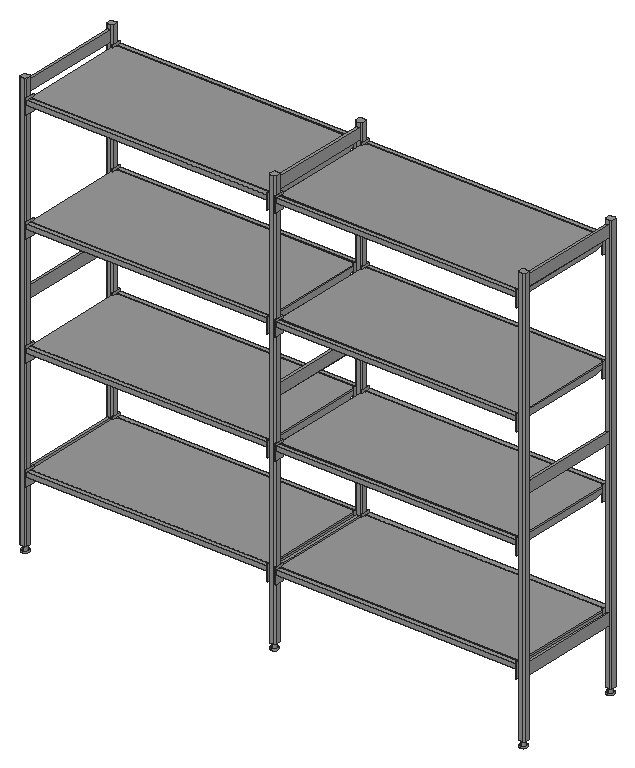
Revit family "QF_ZANUSSI_137044_BLS2048", category Attrezzature speciali, Revit 2020
Family settings
  Quota connettore circolare = Usa diametro
  Tipo di parte = Normale
  Basato su piano di lavoro = No
  Sempre verticale = Sì
  Taglio con vuoti quando caricato = No
  Condiviso = No
  Punto di calcolo locali = No
Parameters (values of type "Standard")
  Weight = 39.00 kg
  Watts = 0 W
  Volts = 0 V
  URL Manufacturer = "http://www.zanussiprofessional.com"
  URL = "http://www.zanussiprofessional.com"
  Steam Supply Size = 0 mm
  Steam Supply Minimum Pressure = 0.0 Pa
  Steam Supply Maximum Pressure = 0.0 Pa
  Steam Consumption per Hour = 0
  Refrigeration Suction Line Size = 0.0 mm
  Refrigeration Liquid Line Size = 0.0 mm
  Refrigerant Compressor Remote = yes
  Prospetto di default = 0.0 mm
  Phase = 0
  Modello = "BLS2048"
  Produttore = "Zanussi"
  Length Actual = 2048.0 mm  # constant formula
  Item Number = "137044"
  Hot Water Size = 0 mm
  Height Actual = 1700.0 mm  # constant formula
  HP = "0 HP"
  Gas Size = 0 mm
  Gas KW = 0
  Gas Input Pressure = 0 W
  Direct Waste Size = 0 mm
  Descrizione = "ALUM.LINEAR SHELV.-POLY.TIERS-475X2048MM"
  Depth Actual = 475.0 mm  # constant formula
  Cycle = 0 Hz
  Condensate Return Size = 0 mm
  Compressed Air Volume = 0.0 L/s
  Compressed Air Size = 0 mm
  Compressed Air Pressure = 0.0 Pa
  Cold Water Size = 0 mm
  Accessory = yes
Reference planes
  plane 1: z = 0
  plane 2 "CenterLeft": x = -31
  plane 3 "LEFT": x = -417
  plane 4 "BACK": y = 23
  plane 5 "FRONT": y = -452
  plane 6 "TOP": z = 1700
  plane 7: x = -385
  plane 8: x = 589
  plane 9 "Center (Front/Back)": y = -214.5
  plane 10: y = -8.5
  plane 11: y = -420.5
  plane 12 "FEET": z = 25
  plane 13: z = 275
  plane 14: z = 725
  plane 15: z = 1175
  plane 16: z = 1625
  plane 17 "CXLeft": x = -403
  plane 18 "Center (Left/Right)": x = 607
  plane 19: y = 5.5
  plane 20 "CYBack": y = 5.5
  plane 21 "CYFront": y = -434.5
  plane 22 "RIGHT": x = 1631
  plane 23: x = 1599
  plane 24 "CXRight": x = 1617
  plane 25: x = 625
Forms (mm)
  Extrusion 1, solid, material "QF_Aluminum"
    sketch origin (-417, 0, -4.006) x (0, 1, 0) y (0, 0, 1)
      loop
        line (-12, 1637.003) -> (4, 1637.003) -> (4, 1655) -> (2.007, 1655) -> (2.007, 1648.501) -> (-431, 1648.501) -> (-431, 1655) -> (-433, 1655) -> (-433, 1637.003) -> (-417, 1637.003) -> (-383, 1625) -> (-46, 1625) -> (-12, 1637.003)
      loop
        line (-12, 1187.003) -> (4, 1187.003) -> (4, 1205) -> (2.007, 1205) -> (2.007, 1198.501) -> (-431, 1198.501) -> (-431, 1205) -> (-433, 1205) -> (-433, 1187.003) -> (-417, 1187.003) -> (-383, 1175) -> (-46, 1175) -> (-12, 1187.003)
      loop
        line (-12, 737.003) -> (4, 737.003) -> (4, 755) -> (2.007, 755) -> (2.007, 748.501) -> (-431, 748.501) -> (-431, 755) -> (-433, 755) -> (-433, 737.003) -> (-417, 737.003) -> (-383, 725) -> (-46, 725) -> (-12, 737.003)
      loop
        line (-12, 287.003) -> (4, 287.003) -> (4, 305) -> (2.007, 305) -> (2.007, 298.501) -> (-431, 298.501) -> (-431, 305) -> (-433, 305) -> (-433, 287.003) -> (-417, 287.003) -> (-383, 275) -> (-46, 275) -> (-12, 287.003)
    from 37 to 32
  Extrusion 2, solid, material "QF_Aluminum"
    sketch origin (-417, 0, 0) x (0, 1, 0) y (0, 0, 1)
      loop
        line (23, 246.005) -> (23, 307.993) -> (-12.993, 307.993) -> (-12.993, 246.005) -> (23, 246.005)
      loop
        line (-452, 246.005) -> (-416.007, 246.005) -> (-416.007, 307.993) -> (-452, 307.993) -> (-452, 246.005)
      loop
        line (23, 696.005) -> (23, 757.993) -> (-12.993, 757.993) -> (-12.993, 696.005) -> (23, 696.005)
      loop
        line (-452, 696.005) -> (-416.007, 696.005) -> (-416.007, 757.993) -> (-452, 757.993) -> (-452, 696.005)
      loop
        line (23, 1146.005) -> (23, 1207.993) -> (-12.993, 1207.993) -> (-12.993, 1146.005) -> (23, 1146.005)
      loop
        line (-452, 1146.005) -> (-416.007, 1146.005) -> (-416.007, 1207.993) -> (-452, 1207.993) -> (-452, 1146.005)
      loop
        line (23, 1596.005) -> (23, 1657.993) -> (-12.993, 1657.993) -> (-12.993, 1596.005) -> (23, 1596.005)
      loop
        line (-452, 1596.005) -> (-416.007, 1596.005) -> (-416.007, 1657.993) -> (-452, 1657.993) -> (-452, 1596.005)
    from 28 to 32
  Extrusion 3, solid, material "QF_Aluminum"
    sketch origin (-417, 0, 0) x (0, 1, 0) y (0, 0, 1)
      loop
        line (4, 1650.994) -> (4, 1632.998) -> (23, 1632.998) -> (23, 1650.994) -> (4, 1650.994)
      loop
        line (-433, 1650.994) -> (-452, 1650.994) -> (-452, 1632.998) -> (-433, 1632.998) -> (-433, 1650.994)
      loop
        line (4, 1200.994) -> (4, 1182.998) -> (23, 1182.998) -> (23, 1200.994) -> (4, 1200.994)
      loop
        line (-433, 1200.994) -> (-452, 1200.994) -> (-452, 1182.998) -> (-433, 1182.998) -> (-433, 1200.994)
      loop
        line (4, 750.994) -> (4, 732.998) -> (23, 732.998) -> (23, 750.994) -> (4, 750.994)
      loop
        line (-433, 750.994) -> (-452, 750.994) -> (-452, 732.998) -> (-433, 732.998) -> (-433, 750.994)
      loop
        line (4, 300.994) -> (4, 282.998) -> (23, 282.998) -> (23, 300.994) -> (4, 300.994)
      loop
        line (-433, 300.994) -> (-452, 300.994) -> (-452, 282.998) -> (-433, 282.998) -> (-433, 300.994)
    from 32 to 1006
  Extrusion 4, solid, material "QF_Polyethylene"
    sketch origin (-417, 0, 0) x (0, 1, 0) y (0, 0, 1)
      loop
        line (2.007, 1650.994) -> (-431, 1650.994) -> (-431, 1644.496) -> (2.007, 1644.496) -> (2.007, 1650.994)
      loop
        line (2.007, 1200.994) -> (-431, 1200.994) -> (-431, 1194.496) -> (2.007, 1194.496) -> (2.007, 1200.994)
      loop
        line (2.007, 750.994) -> (-431, 750.994) -> (-431, 744.496) -> (2.007, 744.496) -> (2.007, 750.994)
      loop
        line (2.007, 300.994) -> (-431, 300.994) -> (-431, 294.496) -> (2.007, 294.496) -> (2.007, 300.994)
    from 32 to 1006
  Extrusion 5, solid, material "QF_Aluminum"
    sketch origin (1631, 0, 0) x (0, 1, 0) y (0, 0, 1)
      loop
        line (4, 1650.994) -> (4, 1632.998) -> (23, 1632.998) -> (23, 1650.994) -> (4, 1650.994)
      loop
        line (-433, 1650.994) -> (-452, 1650.994) -> (-452, 1632.998) -> (-433, 1632.998) -> (-433, 1650.994)
      loop
        line (4, 1200.994) -> (4, 1182.998) -> (23, 1182.998) -> (23, 1200.994) -> (4, 1200.994)
      loop
        line (-433, 1200.994) -> (-452, 1200.994) -> (-452, 1182.998) -> (-433, 1182.998) -> (-433, 1200.994)
      loop
        line (4, 750.994) -> (4, 732.998) -> (23, 732.998) -> (23, 750.994) -> (4, 750.994)
      loop
        line (-433, 750.994) -> (-452, 750.994) -> (-452, 732.998) -> (-433, 732.998) -> (-433, 750.994)
      loop
        line (4, 300.994) -> (4, 282.998) -> (23, 282.998) -> (23, 300.994) -> (4, 300.994)
      loop
        line (-433, 300.994) -> (-452, 300.994) -> (-452, 282.998) -> (-433, 282.998) -> (-433, 300.994)
    from -32 to -1006
  Extrusion 6, solid, material "QF_Polyethylene"
    sketch origin (1631, 0, 0) x (0, 1, 0) y (0, 0, 1)
      loop
        line (2.007, 1650.994) -> (-431, 1650.994) -> (-431, 1644.496) -> (2.007, 1644.496) -> (2.007, 1650.994)
      loop
        line (2.007, 1200.994) -> (-431, 1200.994) -> (-431, 1194.496) -> (2.007, 1194.496) -> (2.007, 1200.994)
      loop
        line (2.007, 750.994) -> (-431, 750.994) -> (-431, 744.496) -> (2.007, 744.496) -> (2.007, 750.994)
      loop
        line (2.007, 300.994) -> (-431, 300.994) -> (-431, 294.496) -> (2.007, 294.496) -> (2.007, 300.994)
    from -32 to -1006
Lines and regions (mm)
  symbolic lines
    curve 1: line (589, 4, 1700) -> (-385, 4, 1700)
    curve 2: line (-408, -8.5, 1700) -> (-408, -420.5, 1700)
    curve 3: line (-398, -420.5, 1700) -> (-398, -8.5, 1700)
    curve 4: line (-389, 23, 1700) -> (593, 23, 1700)
    curve 5: line (-385, -452, 1700) -> (589, -452, 1700)
    curve 6: line (621, 23, 1700) -> (1603, 23, 1700)
    curve 7: line (621, -452, 1700) -> (1603, -452, 1700)
    curve 8: line (-385, -433, 1700) -> (589, -433, 1700)
    curve 9: line (625, -433, 1700) -> (1599, -433, 1700)
    curve 10: line (625, 4, 1700) -> (1599, 4, 1700)
    curve 11: line (1599, -12.993, 1700) -> (1599, -416.007, 1700)
    curve 12: line (589, -12.993, 1700) -> (589, -416.007, 1700)
    curve 13: line (625, -416.007, 1700) -> (625, -12.993, 1700)
    curve 14: line (-385, -12.993, 1700) -> (-385, -416.007, 1700)
Dimensions and locks
  plane 3 "LEFT" to plane 2 "CenterLeft" = 386.0 mm
  locked: plane 6 "TOP" to level at 1700
  locked: plane 4 "BACK" to plane 5 "FRONT" at 475
  locked: plane 7 to plane 8 at 974
  locked: plane 10 to plane 11 at 412
  equal spacing: plane 10, plane 9 "Center (Front/Back)", plane 11
  equal spacing: plane 4 "BACK", plane 9 "Center (Front/Back)", plane 5 "FRONT"
  plane 12 "FEET" to level = 25.0 mm
  plane 6 "TOP" to plane 12 "FEET" = 1675.0 mm
  plane 13 to plane 12 "FEET" = 250.0 mm
  plane 14 to plane 13 = 450.0 mm
  plane 15 to plane 14 = 450.0 mm
  plane 16 to plane 15 = 450.0 mm
  locked: plane 4 "BACK" to plane 20 "CYBack" at 17.5
  locked: plane 21 "CYFront" to plane 5 "FRONT" at 17.5
  locked: plane 4 "BACK" to Extrusion 1 at 19
  locked: Extrusion 1 to plane 5 "FRONT" at 19
  Extrusion 1 sketch curve to plane 21 "CYFront" = 3.5 mm
  plane 3 "LEFT" to plane 22 "RIGHT" = 2048.0 mm
  locked: plane 25 to plane 23 at 974
  locked: plane 8 to plane 18 "Center (Left/Right)" at 18
  locked: plane 18 "Center (Left/Right)" to plane 25 at 18
  locked: plane 3 "LEFT" to plane 7 at 32
  locked: plane 24 "CXRight" to plane 22 "RIGHT" at 14
  aligned and locked: level to plane 1
  aligned and locked: plane 7 to Extrusion 1
  aligned and locked: Extrusion 2 to plane 7
  aligned and locked: plane 7 to Extrusion 4
  aligned and locked: Extrusion 4 to plane 8
  aligned and locked: plane 7 to Extrusion 3
  aligned and locked: Extrusion 3 to plane 8
  aligned and locked: Extrusion 3 sketch curve to Extrusion 1
  aligned and locked: Extrusion 1 to Extrusion 3 sketch curve
  aligned and locked: Extrusion 3 sketch curve to Extrusion 3 sketch curve  (x2)
  aligned and locked: Extrusion 1 sketch curve to Extrusion 1 sketch curve  (x3)
  aligned and locked: Extrusion 4 sketch curve to Extrusion 1  (x4)
  aligned and locked: Extrusion 5 sketch curve to Extrusion 5 sketch curve  (x2)
  aligned and locked: Extrusion 5 to plane 25
  aligned and locked: Extrusion 6 to plane 25
  aligned and locked: nested 3 to plane 18 "Center (Left/Right)"
  aligned and locked: nested 1 to plane 17 "CXLeft"
  aligned and locked: Extrusion 3 to plane 7  (x3)
  aligned and locked: plane 8 to Extrusion 3  (x4)
  aligned and locked: plane 25 to Extrusion 5  (x4)
  aligned and locked: plane 25 to Extrusion 6  (x4)
  aligned and locked: plane 8 to Extrusion 4  (x4)
  aligned and locked: nested 2 to plane 24 "CXRight"
  aligned and locked: Extrusion 5 to plane 23
  aligned and locked: Extrusion 6 to plane 23
  aligned and locked: plane 23 to Extrusion 5  (x3)
  aligned and locked: plane 23 to Extrusion 6  (x3)
Automatic sketch dimensions
  plane 21 "CYFront" to Extrusion 1 sketch curve = 1.5 mm  (x4)
  plane 11 to Extrusion 1 sketch curve = 3.5 mm  (x4)
  Extrusion 1 sketch curve to plane 13 = 4.006 mm
  Extrusion 1 sketch curve to Extrusion 1 sketch curve = 34.0 mm  (x4)
  Extrusion 1 sketch curve to plane 14 = 4.006 mm
  Extrusion 1 sketch curve to plane 15 = 4.006 mm
  Extrusion 1 sketch curve to plane 16 = 4.006 mm
  Extrusion 1 sketch curve to plane 10 = 37.5 mm  (x4)
  Extrusion 1 sketch curve to plane 10 = 3.5 mm  (x4)
  plane 19 to Extrusion 1 sketch curve = 3.493 mm  (x4)
  plane 19 to Extrusion 1 sketch curve = 1.5 mm  (x4)
  plane 13 to Extrusion 1 sketch curve = 7.998 mm  (x2)
  Extrusion 1 sketch curve to Extrusion 1 sketch curve = 11.498 mm  (x4)
  Extrusion 1 sketch curve to Extrusion 1 sketch curve = 6.499 mm  (x8)
  plane 14 to Extrusion 1 sketch curve = 7.998 mm  (x2)
  plane 15 to Extrusion 1 sketch curve = 7.998 mm  (x2)
  plane 16 to Extrusion 1 sketch curve = 7.998 mm  (x2)
  Extrusion 2 sketch curve to plane 5 "FRONT" = 0.0 mm  (x4)
  Extrusion 2 sketch curve to plane 4 "BACK" = 0.0 mm  (x4)
  plane 11 to Extrusion 2 sketch curve = 4.493 mm  (x4)
  Extrusion 2 sketch curve to plane 10 = 4.493 mm  (x4)
  Extrusion 2 sketch curve to plane 13 = 28.995 mm  (x2)
  plane 13 to Extrusion 2 sketch curve = 32.993 mm  (x2)
  Extrusion 2 sketch curve to plane 14 = 28.995 mm  (x2)
  plane 14 to Extrusion 2 sketch curve = 32.993 mm  (x2)
  Extrusion 2 sketch curve to plane 15 = 28.995 mm  (x2)
  plane 15 to Extrusion 2 sketch curve = 32.993 mm  (x2)
  Extrusion 2 sketch curve to plane 16 = 28.995 mm  (x2)
  plane 16 to Extrusion 2 sketch curve = 32.993 mm  (x2)
  Extrusion 3 sketch curve to plane 5 "FRONT" = 0.0 mm  (x4)
  Extrusion 3 sketch curve to plane 4 "BACK" = 0.0 mm  (x4)
  plane 19 to Extrusion 3 sketch curve = 1.5 mm  (x4)
  plane 13 to Extrusion 3 sketch curve = 7.998 mm  (x2)
  Extrusion 3 sketch curve to Extrusion 3 sketch curve = 17.997 mm  (x8)
  plane 14 to Extrusion 3 sketch curve = 7.998 mm  (x2)
  plane 15 to Extrusion 3 sketch curve = 7.998 mm  (x2)
  plane 16 to Extrusion 3 sketch curve = 7.998 mm  (x2)
  plane 19 to Extrusion 4 sketch curve = 3.493 mm  (x4)
  plane 13 to Extrusion 4 sketch curve = 19.496 mm
  Extrusion 4 sketch curve to Extrusion 4 sketch curve = 6.499 mm  (x4)
  plane 14 to Extrusion 4 sketch curve = 19.496 mm
  plane 15 to Extrusion 4 sketch curve = 19.496 mm
  plane 16 to Extrusion 4 sketch curve = 19.496 mm
  Extrusion 5 sketch curve to plane 5 "FRONT" = 0.0 mm  (x4)
  Extrusion 5 sketch curve to plane 4 "BACK" = 0.0 mm  (x4)
  plane 21 "CYFront" to Extrusion 5 sketch curve = 1.5 mm  (x2)
  plane 19 to Extrusion 5 sketch curve = 1.5 mm  (x4)
  plane 13 to Extrusion 5 sketch curve = 7.998 mm  (x2)
  Extrusion 5 sketch curve to Extrusion 5 sketch curve = 17.997 mm  (x8)
  plane 14 to Extrusion 5 sketch curve = 7.998 mm  (x2)
  plane 15 to Extrusion 5 sketch curve = 7.998 mm  (x2)
  plane 16 to Extrusion 5 sketch curve = 7.998 mm  (x2)
  plane 21 "CYFront" to Extrusion 6 sketch curve = 3.5 mm  (x4)
  plane 19 to Extrusion 6 sketch curve = 3.493 mm  (x4)
  plane 13 to Extrusion 6 sketch curve = 19.496 mm
  Extrusion 6 sketch curve to Extrusion 6 sketch curve = 6.499 mm  (x4)
  plane 14 to Extrusion 6 sketch curve = 19.496 mm
  plane 15 to Extrusion 6 sketch curve = 19.496 mm
  plane 16 to Extrusion 6 sketch curve = 19.496 mm
  curve 7 to plane 5 "FRONT" = 0.0 mm
  curve 5 to plane 5 "FRONT" = 0.0 mm
  curve 8 to plane 8 = 0.0 mm
  curve 9 to plane 25 = 0.0 mm
  curve 9 to plane 23 = 0.0 mm
  curve 8 to plane 7 = 0.0 mm
  curve 2 to plane 11 = 0.0 mm
  curve 3 to plane 11 = 0.0 mm
  curve 14 to plane 7 = 0.0 mm
  curve 13 to plane 25 = 0.0 mm
  curve 12 to plane 8 = 0.0 mm
  curve 11 to plane 23 = 0.0 mm
  curve 3 to plane 10 = 0.0 mm
  curve 2 to plane 10 = 0.0 mm
  curve 1 to plane 8 = 0.0 mm
  curve 1 to plane 7 = 0.0 mm
  curve 10 to plane 23 = 0.0 mm
  curve 10 to plane 25 = 0.0 mm
  curve 4 to plane 4 "BACK" = 0.0 mm
  curve 6 to plane 4 "BACK" = 0.0 mm
  curve 5 to plane 8 = 0.0 mm
  curve 5 to plane 7 = 0.0 mm
  plane 21 "CYFront" to curve 8 = 1.5 mm
  plane 21 "CYFront" to curve 9 = 1.5 mm
  plane 11 to curve 14 = 4.493 mm
  plane 11 to curve 13 = 4.493 mm
  plane 11 to curve 12 = 4.493 mm
  plane 11 to curve 11 = 4.493 mm
  curve 14 to plane 10 = 4.493 mm
  curve 13 to plane 10 = 4.493 mm
  curve 12 to plane 10 = 4.493 mm
  curve 11 to plane 10 = 4.493 mm
  plane 19 to curve 1 = 1.5 mm
  plane 19 to curve 10 = 1.5 mm
  curve 6 to plane 23 = 4.0 mm
  curve 7 to plane 23 = 4.0 mm
  curve 6 to plane 25 = 4.0 mm
  curve 7 to plane 25 = 4.0 mm
  curve 4 to plane 8 = 4.0 mm
  plane 7 to curve 4 = 4.0 mm
  plane 17 "CXLeft" to curve 3 = 5.0 mm
  curve 2 to plane 17 "CXLeft" = 5.0 mm
Nested families
  nested 1: "WT_Anta475" at (0, 0, 0), type "WT_Anta475"
  nested 2: "WT_Anta475" at (1214, 0, 0) x (-1, 0, 0) z (0, 0, 1), type "WT_Anta475"
  nested 3: "WT_Anta475Center" at (1010, 0, 0), type "WT_Anta475Center"
Definition of nested family "WT_Anta475"
  Parameters
    WidthLeft = A + 64.0 mm  # 772.0 mm
    Width = 1606.0 mm
    Right = WidthLeft / 2  # 386.0 mm
    Default Elevation = 0.0 mm
    Left = -WidthLeft / 2  # -386.0 mm
    Height = 1725.0 mm
    FEET = 25.0 mm
    E = 0.0 mm
    Dint = Depth - 63.0 mm  # 412.0 mm
    Dext = Depth - 8.0 mm  # 467.0 mm
    Depth = 475.0 mm
    DX = (WidthLeft - A) / 2  # 32.0 mm
    B = 798.0 mm
    A = 708.0 mm
  Reference planes
    plane 1: z = 0
    plane 2 "LEFT": x = -417
    plane 3 "BACK": y = 23
    plane 4 "FRONT": y = -452
    plane 5 "TOP": z = 1725
    plane 6 "Center (Front/Back)": y = -214.5
    plane 7: y = -8.5
    plane 8: y = -420.5
    plane 9 "FEET": z = 25
    plane 10: z = 275
    plane 11: z = 725
    plane 12: z = 1175
    plane 13: z = 1625
    plane 14 "CXLeft": x = -403
    plane 15: y = 5.5
    plane 16 "CYBack": y = 5.5
    plane 17 "CYFront": y = -434.5
    plane 18: x = -385.031
    plane 19: x = -380.031
  Forms (mm)
    Extrusion 1, solid
      sketch origin (0, 0, 0) x (1, 0, 0) y (0, 1, 0)
        loop
          line (-417, 13.246) -> (-417, -2.246) -> (-410.746, -8.5) -> (-395.254, -8.5) -> (-389, -2.246) -> (-389, 13.246) -> (-395.254, 19.5) -> (-410.746, 19.5) -> (-417, 13.246)
      from 1725 to 25
    Extrusion 2, solid
      sketch origin (-417, 0, 0) x (0, 1, 0) y (0, 0, 1)
        loop
          line (23, 246.005) -> (23, 307.993) -> (-12.993, 307.993) -> (-12.993, 246.005) -> (23, 246.005)
        loop
          line (-452, 246.005) -> (-416.007, 246.005) -> (-416.007, 307.993) -> (-452, 307.993) -> (-452, 246.005)
        loop
          line (23, 696.005) -> (23, 757.993) -> (-12.993, 757.993) -> (-12.993, 696.005) -> (23, 696.005)
        loop
          line (-452, 696.005) -> (-416.007, 696.005) -> (-416.007, 757.993) -> (-452, 757.993) -> (-452, 696.005)
        loop
          line (23, 1146.005) -> (23, 1207.993) -> (-12.993, 1207.993) -> (-12.993, 1146.005) -> (23, 1146.005)
        loop
          line (-452, 1146.005) -> (-416.007, 1146.005) -> (-416.007, 1207.993) -> (-452, 1207.993) -> (-452, 1146.005)
        loop
          line (23, 1596.005) -> (23, 1657.993) -> (-12.993, 1657.993) -> (-12.993, 1596.005) -> (23, 1596.005)
        loop
          line (-452, 1596.005) -> (-416.007, 1596.005) -> (-416.007, 1657.993) -> (-452, 1657.993) -> (-452, 1596.005)
      from 28 to 32
    Revolve 3, solid
      sketch origin (-403, 0, 0) x (0, 1, 0) y (0, 0, 1)
        loop
          line (5.5, 25) -> (5.5, 0) -> (19, 0) -> (19, 5) -> (14, 5) -> (14, 25) -> (5.5, 25)
        axis (5.5, 25) -> (5.5, 0)
      angle from 0 to 360
    Extrusion 4, solid
      sketch origin (-403, 0, 0) x (0, 1, 0) y (0, 0, 1)
        loop
          line (-8.5, 912.382) -> (-8.5, 957.374) -> (-420.5, 957.374) -> (-420.5, 912.382) -> (-8.5, 912.382)
        loop
          line (-8.5, 1662.244) -> (-8.5, 1707.236) -> (-420.5, 1707.236) -> (-420.5, 1662.244) -> (-8.5, 1662.244)
      from -5 to 5
    Revolve 5, solid
      sketch origin (-403, -627, 0) x (0, -1, 0) y (0, 0, 1)
        loop
          line (-192.5, 25) -> (-192.5, 0) -> (-179, 0) -> (-179, 5) -> (-184, 5) -> (-184, 25) -> (-192.5, 25)
        axis (-192.5, 25) -> (-192.5, 0)
      angle from 0 to 360
    Extrusion 6, solid
      sketch origin (0, -627, 0) x (1, 0, 0) y (0, 1, 0)
        loop
          line (-417, 184.754) -> (-410.746, 178.5) -> (-395.254, 178.5) -> (-389, 184.754) -> (-389, 200.246) -> (-395.254, 206.5) -> (-410.746, 206.5) -> (-417, 200.246) -> (-417, 184.754)
      from 1725 to 25
    Extrusion 7, solid
      sketch origin (-417.031, -0.022, 0) x (0, 1, 0) y (0, 0, -1)
        loop
          line (-12, -1632.998) -> (-46, -1620.994) -> (-383, -1620.994) -> (-417, -1632.998) -> (-433, -1632.998) -> (-433, -1650.994) -> (-431, -1650.994) -> (-431, -1644.496) -> (2.007, -1644.496) -> (2.007, -1650.994) -> (4, -1650.994) -> (4, -1632.998) -> (-12, -1632.998)
        loop
          line (-12, -1182.998) -> (-46, -1170.994) -> (-383, -1170.994) -> (-417, -1182.998) -> (-433, -1182.998) -> (-433, -1200.994) -> (-431, -1200.994) -> (-431, -1194.496) -> (2.007, -1194.496) -> (2.007, -1200.994) -> (4, -1200.994) -> (4, -1182.998) -> (-12, -1182.998)
        loop
          line (-12, -732.998) -> (-46, -720.994) -> (-383, -720.994) -> (-417, -732.998) -> (-433, -732.998) -> (-433, -750.994) -> (-431, -750.994) -> (-431, -744.496) -> (2.007, -744.496) -> (2.007, -750.994) -> (4, -750.994) -> (4, -732.998) -> (-12, -732.998)
        loop
          line (-12, -282.998) -> (-46, -270.994) -> (-383, -270.994) -> (-417, -282.998) -> (-433, -282.998) -> (-433, -300.994) -> (-431, -300.994) -> (-431, -294.496) -> (2.007, -294.496) -> (2.007, -300.994) -> (4, -300.994) -> (4, -282.998) -> (-12, -282.998)
      from -32 to -37
    Extrusion 8, solid
      sketch origin (-403, 0, -659.878) x (0, 1, 0) y (0, 0, 1)
        loop
          line (-8.5, 912.382) -> (-8.5, 957.374) -> (-420.5, 957.374) -> (-420.5, 912.382) -> (-8.5, 912.382)
        loop
          line (-8.5, 1572.382) -> (-8.5, 1617.374) -> (-420.5, 1617.374) -> (-420.5, 1572.382) -> (-8.5, 1572.382)
        loop
          line (-8.5, 2322.382) -> (-8.5, 2367.374) -> (-420.5, 2367.374) -> (-420.5, 2322.382) -> (-8.5, 2322.382)
      from -5 to 5
  Lines and regions (mm)
    symbolic lines
      curve 1: line (-408, -8.5, 1725) -> (-408, -420.5, 1725)
      curve 2: line (-398, -420.5, 1725) -> (-398, -8.5, 1725)
      curve 3: line (-395.254, -8.5, 1725) -> (-410.746, -8.5, 1725)
      curve 4: line (-417, -2.246, 1725) -> (-410.746, -8.5, 1725)
      curve 5: line (-417, 13.246, 1725) -> (-417, -2.246, 1725)
      curve 6: line (-410.746, 19.5, 1725) -> (-417, 13.246, 1725)
      curve 7: line (-395.254, 19.5, 1725) -> (-410.746, 19.5, 1725)
      curve 8: line (-389, 13.246, 1725) -> (-395.254, 19.5, 1725)
      curve 9: line (-395.254, -8.5, 1725) -> (-389, -2.246, 1725)
      curve 10: line (-395.254, -420.5, 1725) -> (-410.746, -420.5, 1725)
      curve 11: line (-417, -426.754, 1725) -> (-410.746, -420.5, 1725)
      curve 12: line (-410.746, -448.5, 1725) -> (-417, -442.246, 1725)
      curve 13: line (-395.254, -448.5, 1725) -> (-410.746, -448.5, 1725)
      curve 14: line (-389, -442.246, 1725) -> (-395.254, -448.5, 1725)
      curve 15: line (-395.254, -420.5, 1725) -> (-389, -426.754, 1725)
      curve 16: line (-389, -452, 1725) -> (-389, -416.007, 1725)
      curve 17: line (-389, -416.007, 1725) -> (-385, -416.007, 1725)
      curve 18: line (-389, 23, 1725) -> (-389, -12.993, 1725)
      curve 19: line (-389, -12.993, 1725) -> (-385, -12.993, 1725)
      curve 20: line (-417, -426.754, 1725) -> (-417, -442.246, 1725)
      curve 21: line (-385, -452, 1725) -> (-385, -416.007, 1725)
      curve 22: line (-385, -452, 1725) -> (-389, -452, 1725)
      curve 23: line (-385, 23, 1725) -> (-389, 23, 1725)
      curve 24: line (-385, -12.993, 1725) -> (-385, 23, 1725)
      curve 25: line (-385.031, -13.016, 1725) -> (-385.031, -416.029, 1725)
  Dimensions and locks
    "Height": plane 5 "TOP" to level
    "Depth": plane 3 "BACK" to plane 4 "FRONT"
    "Dint": plane 7 to plane 8
    equal spacing: plane 7, plane 6 "Center (Front/Back)", plane 8
    equal spacing: plane 3 "BACK", plane 6 "Center (Front/Back)", plane 4 "FRONT"
    plane 9 "FEET" to level = 25.0 mm
    plane 5 "TOP" to plane 9 "FEET" = 1700.0 mm
    plane 10 to plane 9 "FEET" = 250.0 mm
    plane 11 to plane 10 = 450.0 mm
    plane 12 to plane 11 = 450.0 mm
    plane 13 to plane 12 = 450.0 mm
    locked: plane 2 "LEFT" to plane 14 "CXLeft" at 14
    locked: plane 3 "BACK" to plane 16 "CYBack" at 17.5
    locked: plane 17 "CYFront" to plane 4 "FRONT" at 17.5
    locked: Revolve 3 sketch curve to Revolve 3 sketch curve at 8.5
    locked: Revolve 3 sketch curve to plane 16 "CYBack" at 13.5
    locked: Revolve 5 sketch curve to Revolve 5 sketch curve at 8.5
    aligned and locked: level to plane 1
    aligned and locked: curve 20 to Extrusion 6
    aligned and locked: plane 5 "TOP" to Extrusion 1
    aligned and locked: plane 5 "TOP" to Extrusion 6
    aligned and locked: Extrusion 7 sketch curve to Extrusion 7 sketch curve  (x3)
  Automatic sketch dimensions
    curve 16 to plane 4 "FRONT" = 0.0 mm
    curve 11 to plane 8 = 0.0 mm
    curve 9 to plane 7 = 0.0 mm
    curve 5 to plane 2 "LEFT" = 0.0 mm
    curve 23 to plane 3 "BACK" = 0.0 mm
    plane 4 "FRONT" to curve 13 = 3.5 mm
    curve 20 to plane 17 "CYFront" = 7.746 mm
    curve 20 to plane 8 = 6.254 mm
    plane 8 to curve 16 = 4.493 mm
    curve 24 to plane 18 = 0.031 mm
    curve 24 to plane 7 = 4.493 mm
    plane 7 to curve 5 = 6.254 mm
    curve 5 to plane 15 = 7.746 mm
    curve 6 to plane 3 "BACK" = 3.5 mm
    curve 21 to plane 18 = 0.031 mm
    plane 18 to curve 23 = 3.969 mm
    plane 18 to curve 16 = 3.969 mm
    curve 18 to curve 8 = 6.254 mm
    curve 18 to curve 3 = 6.254 mm
    curve 16 to curve 13 = 6.254 mm
    curve 16 to curve 15 = 6.254 mm
    plane 2 "LEFT" to curve 10 = 6.254 mm
    plane 2 "LEFT" to curve 7 = 6.254 mm
    plane 2 "LEFT" to curve 12 = 6.254 mm
    plane 2 "LEFT" to curve 3 = 6.254 mm
    curve 14 to plane 17 "CYFront" = 7.746 mm
    curve 15 to plane 8 = 6.254 mm
    plane 7 to curve 9 = 6.254 mm
    curve 8 to plane 15 = 7.746 mm
    curve 3 to curve 2 = 2.746 mm
    curve 1 to curve 10 = 2.746 mm
    Extrusion 1 sketch curve to plane 2 "LEFT" = 0.0 mm
    Extrusion 1 sketch curve to plane 7 = 0.0 mm
    plane 2 "LEFT" to Extrusion 1 sketch curve = 6.254 mm  (x2)
    plane 14 "CXLeft" to Extrusion 1 sketch curve = 7.746 mm  (x2)
    Extrusion 1 sketch curve to plane 3 "BACK" = 3.5 mm
    plane 18 to Extrusion 1 sketch curve = 3.969 mm
    plane 7 to Extrusion 1 sketch curve = 6.254 mm  (x2)
    Extrusion 1 sketch curve to plane 15 = 7.746 mm  (x2)
    Extrusion 2 sketch curve to plane 4 "FRONT" = 0.0 mm  (x4)
    Extrusion 2 sketch curve to plane 3 "BACK" = 0.0 mm  (x4)
    plane 8 to Extrusion 2 sketch curve = 4.493 mm  (x4)
    Extrusion 2 sketch curve to plane 7 = 4.493 mm  (x4)
    Extrusion 2 sketch curve to plane 10 = 28.995 mm  (x2)
    plane 10 to Extrusion 2 sketch curve = 32.993 mm  (x2)
    Extrusion 2 sketch curve to plane 11 = 28.995 mm  (x2)
    plane 11 to Extrusion 2 sketch curve = 32.993 mm  (x2)
    Extrusion 2 sketch curve to plane 12 = 28.995 mm  (x2)
    plane 12 to Extrusion 2 sketch curve = 32.993 mm  (x2)
    Extrusion 2 sketch curve to plane 13 = 28.995 mm  (x2)
    plane 13 to Extrusion 2 sketch curve = 32.993 mm  (x2)
    Revolve 3 sketch curve to plane 9 "FEET" = 0.0 mm  (x2)
    Revolve 3 sketch curve to plane 15 = 0.0 mm  (x2)
    Revolve 3 sketch curve to level = 0.0 mm
    level to Revolve 3 sketch curve = 5.0 mm
    Revolve 3 sketch curve to Revolve 3 sketch curve = 11.655 mm
    Extrusion 4 sketch curve to plane 8 = 0.0 mm  (x2)
    Extrusion 4 sketch curve to plane 7 = 0.0 mm  (x2)
    plane 11 to Extrusion 4 sketch curve = 187.382 mm
    Extrusion 4 sketch curve to Extrusion 4 sketch curve = 44.992 mm
    plane 13 to Extrusion 4 sketch curve = 37.244 mm
    Extrusion 4 sketch curve to plane 5 "TOP" = 17.764 mm
    Revolve 5 sketch curve to plane 9 "FEET" = 0.0 mm  (x2)
    Revolve 5 sketch curve to plane 17 "CYFront" = 0.0 mm  (x2)
    Revolve 5 sketch curve to level = 0.0 mm
    Revolve 5 sketch curve to plane 4 "FRONT" = 4.0 mm
    Revolve 5 sketch curve to Revolve 5 sketch curve = 5.0 mm
    level to Revolve 5 sketch curve = 11.655 mm
    Extrusion 6 sketch curve to plane 2 "LEFT" = 0.0 mm
    Extrusion 6 sketch curve to plane 8 = 0.0 mm
    Extrusion 6 sketch curve to plane 2 "LEFT" = 6.254 mm  (x2)
    Extrusion 6 sketch curve to plane 14 "CXLeft" = 7.746 mm  (x2)
    Extrusion 6 sketch curve to plane 4 "FRONT" = 3.5 mm
    Extrusion 6 sketch curve to plane 18 = 3.969 mm
    plane 8 to Extrusion 6 sketch curve = 6.254 mm  (x2)
    plane 17 "CYFront" to Extrusion 6 sketch curve = 7.746 mm  (x2)
    plane 17 "CYFront" to Extrusion 7 sketch curve = 1.478 mm  (x4)
    Extrusion 7 sketch curve to Extrusion 7 sketch curve = 2.0 mm
    plane 8 to Extrusion 7 sketch curve = 3.478 mm  (x4)
    Extrusion 7 sketch curve to plane 10 = 4.006 mm
    Extrusion 7 sketch curve to Extrusion 7 sketch curve = 34.0 mm  (x4)
    Extrusion 7 sketch curve to plane 11 = 4.006 mm
    Extrusion 7 sketch curve to plane 12 = 4.006 mm
    Extrusion 7 sketch curve to plane 13 = 4.006 mm
    Extrusion 7 sketch curve to plane 7 = 37.522 mm  (x4)
    Extrusion 7 sketch curve to plane 7 = 3.522 mm  (x4)
    plane 15 to Extrusion 7 sketch curve = 3.516 mm  (x4)
    plane 15 to Extrusion 7 sketch curve = 1.522 mm  (x4)
    plane 13 to Extrusion 7 sketch curve = 7.998 mm  (x2)
    Extrusion 7 sketch curve to Extrusion 7 sketch curve = 11.498 mm
    Extrusion 7 sketch curve to Extrusion 7 sketch curve = 6.499 mm  (x5)
    plane 12 to Extrusion 7 sketch curve = 25.994 mm  (x2)
    plane 12 to Extrusion 7 sketch curve = 7.998 mm  (x2)
    plane 11 to Extrusion 7 sketch curve = 25.994 mm  (x2)
    plane 11 to Extrusion 7 sketch curve = 7.998 mm  (x2)
    plane 10 to Extrusion 7 sketch curve = 25.994 mm  (x2)
    plane 10 to Extrusion 7 sketch curve = 7.998 mm  (x2)
    curve 25 to plane 18 = 0.0 mm
    plane 8 to curve 25 = 4.471 mm
    curve 25 to plane 7 = 4.516 mm
    Extrusion 8 sketch curve to plane 8 = 0.0 mm  (x3)
    Extrusion 8 sketch curve to plane 7 = 0.0 mm  (x3)
    Extrusion 8 sketch curve to plane 10 = 22.496 mm
    plane 10 to Extrusion 8 sketch curve = 22.496 mm
    plane 11 to Extrusion 8 sketch curve = 187.504 mm
    Extrusion 8 sketch curve to Extrusion 8 sketch curve = 44.992 mm
    plane 13 to Extrusion 8 sketch curve = 37.504 mm
    Extrusion 8 sketch curve to plane 5 "TOP" = 17.504 mm
Definition of nested family "WT_Anta475Center"
  Parameters
    WidthLeft = A + 64.0 mm  # 772.0 mm
    Width = 1606.0 mm
    Right = WidthLeft / 2  # 386.0 mm
    Default Elevation = 0.0 mm
    Left = -WidthLeft / 2  # -386.0 mm
    Height = 1725.0 mm
    FEET = 25.0 mm
    E = 0.0 mm
    Dint = Depth - 63.0 mm  # 412.0 mm
    Dext = Depth - 8.0 mm  # 467.0 mm
    Depth = 475.0 mm
    DX = (WidthLeft - A) / 2  # 32.0 mm
    B = 798.0 mm
    A = 708.0 mm
  Reference planes
    plane 1: z = 0
    plane 2 "L": x = -417
    plane 3 "BACK": y = 23
    plane 4 "FRONT": y = -452
    plane 5 "TOP": z = 1725
    plane 6 "Center (Front/Back)": y = -214.5
    plane 7: y = -8.5
    plane 8: y = -420.5
    plane 9 "FEET": z = 25
    plane 10: z = 275
    plane 11: z = 725
    plane 12: z = 1175
    plane 13: z = 1625
    plane 14 "CXLeft": x = -403
    plane 15: y = 5.5
    plane 16 "CYBack": y = 5.5
    plane 17 "CYFront": y = -434.5
    plane 18: x = -385.031
    plane 19 "RIGHT": x = -380.031
    plane 20: x = -420.969
    plane 21 "LEFT": x = -425.969
  Forms (mm)
    Extrusion 1, solid
      sketch origin (0, 0, 0) x (1, 0, 0) y (0, 1, 0)
        loop
          line (-417, 13.246) -> (-417, -2.246) -> (-410.746, -8.5) -> (-395.254, -8.5) -> (-389, -2.246) -> (-389, 13.246) -> (-395.254, 19.5) -> (-410.746, 19.5) -> (-417, 13.246)
      from 1725 to 25
    Extrusion 2, solid
      sketch origin (-417, 0, 0) x (0, 1, 0) y (0, 0, 1)
        loop
          line (23, 246.005) -> (23, 307.993) -> (-12.993, 307.993) -> (-12.993, 246.005) -> (23, 246.005)
        loop
          line (-452, 246.005) -> (-416.007, 246.005) -> (-416.007, 307.993) -> (-452, 307.993) -> (-452, 246.005)
        loop
          line (23, 696.005) -> (23, 757.993) -> (-12.993, 757.993) -> (-12.993, 696.005) -> (23, 696.005)
        loop
          line (-452, 696.005) -> (-416.007, 696.005) -> (-416.007, 757.993) -> (-452, 757.993) -> (-452, 696.005)
        loop
          line (23, 1146.005) -> (23, 1207.993) -> (-12.993, 1207.993) -> (-12.993, 1146.005) -> (23, 1146.005)
        loop
          line (-452, 1146.005) -> (-416.007, 1146.005) -> (-416.007, 1207.993) -> (-452, 1207.993) -> (-452, 1146.005)
        loop
          line (23, 1596.005) -> (23, 1657.993) -> (-12.993, 1657.993) -> (-12.993, 1596.005) -> (23, 1596.005)
        loop
          line (-452, 1596.005) -> (-416.007, 1596.005) -> (-416.007, 1657.993) -> (-452, 1657.993) -> (-452, 1596.005)
      from 28 to 32
    Revolve 3, solid
      sketch origin (-403, 0, 0) x (0, 1, 0) y (0, 0, 1)
        loop
          line (5.5, 25) -> (5.5, 0) -> (19, 0) -> (19, 5) -> (14, 5) -> (14, 25) -> (5.5, 25)
        axis (5.5, 25) -> (5.5, 0)
      angle from 0 to 360
    Extrusion 4, solid
      sketch origin (-403, 0, 0) x (0, 1, 0) y (0, 0, 1)
        loop
          line (-8.5, 912.382) -> (-8.5, 957.374) -> (-420.5, 957.374) -> (-420.5, 912.382) -> (-8.5, 912.382)
        loop
          line (-8.5, 1662.244) -> (-8.5, 1707.236) -> (-420.5, 1707.236) -> (-420.5, 1662.244) -> (-8.5, 1662.244)
      from -5 to 5
    Revolve 5, solid
      sketch origin (-403, -627, 0) x (0, -1, 0) y (0, 0, 1)
        loop
          line (-192.5, 25) -> (-192.5, 0) -> (-179, 0) -> (-179, 5) -> (-184, 5) -> (-184, 25) -> (-192.5, 25)
        axis (-192.5, 25) -> (-192.5, 0)
      angle from 0 to 360
    Extrusion 6, solid
      sketch origin (0, -627, 0) x (1, 0, 0) y (0, 1, 0)
        loop
          line (-417, 184.754) -> (-410.746, 178.5) -> (-395.254, 178.5) -> (-389, 184.754) -> (-389, 200.246) -> (-395.254, 206.5) -> (-410.746, 206.5) -> (-417, 200.246) -> (-417, 184.754)
      from 1725 to 25
    Extrusion 7, solid
      sketch origin (-417.031, -0.022, 0) x (0, 1, 0) y (0, 0, -1)
        loop
          line (-12, -1632.998) -> (-46, -1620.994) -> (-383, -1620.994) -> (-417, -1632.998) -> (-433, -1632.998) -> (-433, -1650.994) -> (-431, -1650.994) -> (-431, -1644.496) -> (2.007, -1644.496) -> (2.007, -1650.994) -> (4, -1650.994) -> (4, -1632.998) -> (-12, -1632.998)
        loop
          line (-12, -1182.998) -> (-46, -1170.994) -> (-383, -1170.994) -> (-417, -1182.998) -> (-433, -1182.998) -> (-433, -1200.994) -> (-431, -1200.994) -> (-431, -1194.496) -> (2.007, -1194.496) -> (2.007, -1200.994) -> (4, -1200.994) -> (4, -1182.998) -> (-12, -1182.998)
        loop
          line (-12, -732.998) -> (-46, -720.994) -> (-383, -720.994) -> (-417, -732.998) -> (-433, -732.998) -> (-433, -750.994) -> (-431, -750.994) -> (-431, -744.496) -> (2.007, -744.496) -> (2.007, -750.994) -> (4, -750.994) -> (4, -732.998) -> (-12, -732.998)
        loop
          line (-12, -282.998) -> (-46, -270.994) -> (-383, -270.994) -> (-417, -282.998) -> (-433, -282.998) -> (-433, -300.994) -> (-431, -300.994) -> (-431, -294.496) -> (2.007, -294.496) -> (2.007, -300.994) -> (4, -300.994) -> (4, -282.998) -> (-12, -282.998)
      from -32 to -37
    Extrusion 8, solid
      sketch origin (-403, 0, -659.878) x (0, 1, 0) y (0, 0, 1)
        loop
          line (-8.5, 912.382) -> (-8.5, 957.374) -> (-420.5, 957.374) -> (-420.5, 912.382) -> (-8.5, 912.382)
        loop
          line (-8.5, 1572.382) -> (-8.5, 1617.374) -> (-420.5, 1617.374) -> (-420.5, 1572.382) -> (-8.5, 1572.382)
        loop
          line (-8.5, 2322.382) -> (-8.5, 2367.374) -> (-420.5, 2367.374) -> (-420.5, 2322.382) -> (-8.5, 2322.382)
      from -5 to 5
    Extrusion 9, solid
      sketch origin (-389, 0, 0) x (0, 1, 0) y (0, 0, -1)
        loop
          line (23, -246.005) -> (-12.993, -246.005) -> (-12.993, -307.993) -> (23, -307.993) -> (23, -246.005)
        loop
          line (-452, -246.005) -> (-452, -307.993) -> (-416.007, -307.993) -> (-416.007, -246.005) -> (-452, -246.005)
        loop
          line (23, -696.005) -> (-12.993, -696.005) -> (-12.993, -757.993) -> (23, -757.993) -> (23, -696.005)
        loop
          line (-452, -696.005) -> (-452, -757.993) -> (-416.007, -757.993) -> (-416.007, -696.005) -> (-452, -696.005)
        loop
          line (23, -1146.005) -> (-12.993, -1146.005) -> (-12.993, -1207.993) -> (23, -1207.993) -> (23, -1146.005)
        loop
          line (-452, -1146.005) -> (-452, -1207.993) -> (-416.007, -1207.993) -> (-416.007, -1146.005) -> (-452, -1146.005)
        loop
          line (23, -1596.005) -> (-12.993, -1596.005) -> (-12.993, -1657.993) -> (23, -1657.993) -> (23, -1596.005)
        loop
          line (-452, -1596.005) -> (-452, -1657.993) -> (-416.007, -1657.993) -> (-416.007, -1596.005) -> (-452, -1596.005)
      from 28 to 32
    Extrusion 10, solid
      sketch origin (-388.969, -0.022, 0) x (0, 1, 0) y (0, 0, 1)
        loop
          line (-12, 1632.998) -> (4, 1632.998) -> (4, 1650.994) -> (2.007, 1650.994) -> (2.007, 1644.496) -> (-431, 1644.496) -> (-431, 1650.994) -> (-433, 1650.994) -> (-433, 1632.998) -> (-417, 1632.998) -> (-383, 1620.994) -> (-46, 1620.994) -> (-12, 1632.998)
        loop
          line (-12, 1182.998) -> (4, 1182.998) -> (4, 1200.994) -> (2.007, 1200.994) -> (2.007, 1194.496) -> (-431, 1194.496) -> (-431, 1200.994) -> (-433, 1200.994) -> (-433, 1182.998) -> (-417, 1182.998) -> (-383, 1170.994) -> (-46, 1170.994) -> (-12, 1182.998)
        loop
          line (-12, 732.998) -> (4, 732.998) -> (4, 750.994) -> (2.007, 750.994) -> (2.007, 744.496) -> (-431, 744.496) -> (-431, 750.994) -> (-433, 750.994) -> (-433, 732.998) -> (-417, 732.998) -> (-383, 720.994) -> (-46, 720.994) -> (-12, 732.998)
        loop
          line (-12, 282.998) -> (4, 282.998) -> (4, 300.994) -> (2.007, 300.994) -> (2.007, 294.496) -> (-431, 294.496) -> (-431, 300.994) -> (-433, 300.994) -> (-433, 282.998) -> (-417, 282.998) -> (-383, 270.994) -> (-46, 270.994) -> (-12, 282.998)
      from -32 to -37
  Lines and regions (mm)
    symbolic lines
      curve 1: line (-408, -8.5, 1725) -> (-408, -420.5, 1725)
      curve 2: line (-398, -420.5, 1725) -> (-398, -8.5, 1725)
      curve 3: line (-395.254, -8.5, 1725) -> (-410.746, -8.5, 1725)
      curve 4: line (-417, -2.246, 1725) -> (-410.746, -8.5, 1725)
      curve 5: line (-410.746, 19.5, 1725) -> (-417, 13.246, 1725)
      curve 6: line (-395.254, 19.5, 1725) -> (-410.746, 19.5, 1725)
      curve 7: line (-389, 13.246, 1725) -> (-395.254, 19.5, 1725)
      curve 8: line (-395.254, -8.5, 1725) -> (-389, -2.246, 1725)
      curve 9: line (-395.254, -420.5, 1725) -> (-410.746, -420.5, 1725)
      curve 10: line (-417, -426.754, 1725) -> (-410.746, -420.5, 1725)
      curve 11: line (-410.746, -448.5, 1725) -> (-417, -442.246, 1725)
      curve 12: line (-395.254, -448.5, 1725) -> (-410.746, -448.5, 1725)
      curve 13: line (-389, -442.246, 1725) -> (-395.254, -448.5, 1725)
      curve 14: line (-395.254, -420.5, 1725) -> (-389, -426.754, 1725)
      curve 15: line (-389, -452, 1725) -> (-389, -416.007, 1725)
      curve 16: line (-389, -416.007, 1725) -> (-385, -416.007, 1725)
      curve 17: line (-389, 23, 1725) -> (-389, -12.993, 1725)
      curve 18: line (-389, -12.993, 1725) -> (-385, -12.993, 1725)
      curve 19: line (-385, -452, 1725) -> (-385, -416.007, 1725)
      curve 20: line (-385, -452, 1725) -> (-389, -452, 1725)
      curve 21: line (-385, 23, 1725) -> (-389, 23, 1725)
      curve 22: line (-385, -12.993, 1725) -> (-385, 23, 1725)
      curve 23: line (-385.031, -13.016, 1725) -> (-385.031, -416.029, 1725)
      curve 24: line (-417, -452, 1725) -> (-417, -416.007, 1725)
      curve 25: line (-417, -416.007, 1725) -> (-421, -416.007, 1725)
      curve 26: line (-417, 23, 1725) -> (-417, -12.993, 1725)
      curve 27: line (-417, -12.993, 1725) -> (-421, -12.993, 1725)
      curve 28: line (-421, -452, 1725) -> (-421, -416.007, 1725)
      curve 29: line (-421, -452, 1725) -> (-417, -452, 1725)
      curve 30: line (-421, 23, 1725) -> (-417, 23, 1725)
      curve 31: line (-421, -12.993, 1725) -> (-421, 23, 1725)
      curve 32: line (-420.969, -13.016, 1725) -> (-420.969, -416.029, 1725)
  Dimensions and locks
    "Height": plane 5 "TOP" to level
    "Depth": plane 3 "BACK" to plane 4 "FRONT"
    "Dint": plane 7 to plane 8
    equal spacing: plane 7, plane 6 "Center (Front/Back)", plane 8
    equal spacing: plane 3 "BACK", plane 6 "Center (Front/Back)", plane 4 "FRONT"
    plane 9 "FEET" to level = 25.0 mm
    plane 5 "TOP" to plane 9 "FEET" = 1700.0 mm
    plane 10 to plane 9 "FEET" = 250.0 mm
    plane 11 to plane 10 = 450.0 mm
    plane 12 to plane 11 = 450.0 mm
    plane 13 to plane 12 = 450.0 mm
    locked: plane 3 "BACK" to plane 16 "CYBack" at 17.5
    locked: plane 17 "CYFront" to plane 4 "FRONT" at 17.5
    locked: Revolve 3 sketch curve to Revolve 3 sketch curve at 8.5
    locked: Revolve 3 sketch curve to plane 16 "CYBack" at 13.5
    locked: Revolve 5 sketch curve to Revolve 5 sketch curve at 8.5
    aligned and locked: level to plane 1
    aligned and locked: plane 5 "TOP" to Extrusion 1
    aligned and locked: plane 5 "TOP" to Extrusion 6
    aligned and locked: Extrusion 7 sketch curve to Extrusion 7 sketch curve  (x3)
    aligned and locked: Extrusion 10 sketch curve to Extrusion 10 sketch curve  (x3)
  Automatic sketch dimensions
    curve 15 to plane 4 "FRONT" = 0.0 mm
    curve 28 to plane 4 "FRONT" = 0.0 mm
    curve 9 to plane 8 = 0.0 mm
    curve 25 to plane 2 "L" = 0.0 mm
    curve 8 to plane 7 = 0.0 mm
    curve 17 to plane 3 "BACK" = 0.0 mm
    curve 30 to plane 3 "BACK" = 0.0 mm
    plane 4 "FRONT" to curve 11 = 3.5 mm
    curve 19 to plane 18 = 0.031 mm
    plane 8 to curve 19 = 4.493 mm
    plane 8 to curve 25 = 4.493 mm
    curve 27 to plane 20 = 0.031 mm
    curve 27 to plane 7 = 4.493 mm
    curve 17 to plane 7 = 4.493 mm
    curve 5 to plane 15 = 7.746 mm
    curve 7 to plane 3 "BACK" = 3.5 mm
    curve 18 to plane 18 = 0.031 mm
    plane 18 to curve 21 = 3.969 mm
    plane 18 to curve 20 = 3.969 mm
    curve 15 to curve 9 = 6.254 mm
    curve 17 to curve 7 = 6.254 mm
    curve 17 to curve 3 = 6.254 mm
    curve 15 to curve 12 = 6.254 mm
    plane 2 "L" to curve 12 = 6.254 mm
    plane 2 "L" to curve 4 = 6.254 mm
    plane 2 "L" to curve 10 = 6.254 mm
    plane 2 "L" to curve 5 = 6.254 mm
    curve 28 to plane 20 = 0.031 mm
    curve 13 to plane 17 "CYFront" = 7.746 mm
    curve 14 to plane 8 = 6.254 mm
    plane 7 to curve 8 = 6.254 mm
    curve 7 to plane 15 = 7.746 mm
    curve 9 to curve 2 = 2.746 mm
    curve 1 to curve 9 = 2.746 mm
    Extrusion 1 sketch curve to plane 2 "L" = 0.0 mm
    Extrusion 1 sketch curve to plane 7 = 0.0 mm
    plane 2 "L" to Extrusion 1 sketch curve = 6.254 mm  (x2)
    plane 14 "CXLeft" to Extrusion 1 sketch curve = 7.746 mm  (x2)
    Extrusion 1 sketch curve to plane 3 "BACK" = 3.5 mm
    plane 18 to Extrusion 1 sketch curve = 3.969 mm
    plane 7 to Extrusion 1 sketch curve = 6.254 mm  (x2)
    Extrusion 1 sketch curve to plane 15 = 7.746 mm  (x2)
    Extrusion 2 sketch curve to plane 4 "FRONT" = 0.0 mm  (x4)
    Extrusion 2 sketch curve to plane 3 "BACK" = 0.0 mm  (x4)
    plane 8 to Extrusion 2 sketch curve = 4.493 mm  (x4)
    Extrusion 2 sketch curve to plane 7 = 4.493 mm  (x4)
    Extrusion 2 sketch curve to plane 10 = 28.995 mm  (x2)
    plane 10 to Extrusion 2 sketch curve = 32.993 mm  (x2)
    Extrusion 2 sketch curve to plane 11 = 28.995 mm  (x2)
    plane 11 to Extrusion 2 sketch curve = 32.993 mm  (x2)
    Extrusion 2 sketch curve to plane 12 = 28.995 mm  (x2)
    plane 12 to Extrusion 2 sketch curve = 32.993 mm  (x2)
    Extrusion 2 sketch curve to plane 13 = 28.995 mm  (x2)
    plane 13 to Extrusion 2 sketch curve = 32.993 mm  (x2)
    Revolve 3 sketch curve to plane 9 "FEET" = 0.0 mm  (x2)
    Revolve 3 sketch curve to plane 15 = 0.0 mm  (x2)
    Revolve 3 sketch curve to level = 0.0 mm
    level to Revolve 3 sketch curve = 5.0 mm
    Revolve 3 sketch curve to Revolve 3 sketch curve = 11.655 mm
    Extrusion 4 sketch curve to plane 8 = 0.0 mm  (x2)
    Extrusion 4 sketch curve to plane 7 = 0.0 mm  (x2)
    plane 11 to Extrusion 4 sketch curve = 187.382 mm
    Extrusion 4 sketch curve to Extrusion 4 sketch curve = 44.992 mm
    plane 13 to Extrusion 4 sketch curve = 37.244 mm
    Extrusion 4 sketch curve to plane 5 "TOP" = 17.764 mm
    Revolve 5 sketch curve to plane 9 "FEET" = 0.0 mm  (x2)
    Revolve 5 sketch curve to plane 17 "CYFront" = 0.0 mm  (x2)
    Revolve 5 sketch curve to level = 0.0 mm
    Revolve 5 sketch curve to plane 4 "FRONT" = 4.0 mm
    Revolve 5 sketch curve to Revolve 5 sketch curve = 5.0 mm
    level to Revolve 5 sketch curve = 11.655 mm
    Extrusion 6 sketch curve to plane 2 "L" = 0.0 mm
    Extrusion 6 sketch curve to plane 8 = 0.0 mm
    Extrusion 6 sketch curve to plane 2 "L" = 6.254 mm  (x2)
    Extrusion 6 sketch curve to plane 14 "CXLeft" = 7.746 mm  (x2)
    Extrusion 6 sketch curve to plane 4 "FRONT" = 3.5 mm
    Extrusion 6 sketch curve to plane 18 = 3.969 mm
    plane 8 to Extrusion 6 sketch curve = 6.254 mm  (x2)
    plane 17 "CYFront" to Extrusion 6 sketch curve = 7.746 mm  (x2)
    plane 17 "CYFront" to Extrusion 7 sketch curve = 1.478 mm  (x4)
    Extrusion 7 sketch curve to Extrusion 7 sketch curve = 2.0 mm
    plane 8 to Extrusion 7 sketch curve = 3.478 mm  (x4)
    Extrusion 7 sketch curve to plane 10 = 4.006 mm
    Extrusion 7 sketch curve to Extrusion 7 sketch curve = 34.0 mm  (x4)
    Extrusion 7 sketch curve to plane 11 = 4.006 mm
    Extrusion 7 sketch curve to plane 12 = 4.006 mm
    Extrusion 7 sketch curve to plane 13 = 4.006 mm
    Extrusion 7 sketch curve to plane 7 = 37.522 mm  (x4)
    Extrusion 7 sketch curve to plane 7 = 3.522 mm  (x4)
    plane 15 to Extrusion 7 sketch curve = 3.516 mm  (x4)
    plane 15 to Extrusion 7 sketch curve = 1.522 mm  (x4)
    plane 13 to Extrusion 7 sketch curve = 7.998 mm  (x2)
    Extrusion 7 sketch curve to Extrusion 7 sketch curve = 11.498 mm
    Extrusion 7 sketch curve to Extrusion 7 sketch curve = 6.499 mm  (x5)
    plane 12 to Extrusion 7 sketch curve = 25.994 mm  (x2)
    plane 12 to Extrusion 7 sketch curve = 7.998 mm  (x2)
    plane 11 to Extrusion 7 sketch curve = 25.994 mm  (x2)
    plane 11 to Extrusion 7 sketch curve = 7.998 mm  (x2)
    plane 10 to Extrusion 7 sketch curve = 25.994 mm  (x2)
    plane 10 to Extrusion 7 sketch curve = 7.998 mm  (x2)
    curve 23 to plane 18 = 0.0 mm
    curve 32 to plane 20 = 0.0 mm
    plane 8 to curve 23 = 4.471 mm
    plane 8 to curve 32 = 4.471 mm
    curve 32 to plane 7 = 4.516 mm
    curve 23 to plane 7 = 4.516 mm
    Extrusion 8 sketch curve to plane 8 = 0.0 mm  (x3)
    Extrusion 8 sketch curve to plane 7 = 0.0 mm  (x3)
    Extrusion 8 sketch curve to plane 10 = 22.496 mm
    plane 10 to Extrusion 8 sketch curve = 22.496 mm
    plane 11 to Extrusion 8 sketch curve = 187.504 mm
    Extrusion 8 sketch curve to Extrusion 8 sketch curve = 44.992 mm
    plane 13 to Extrusion 8 sketch curve = 37.504 mm
    Extrusion 8 sketch curve to plane 5 "TOP" = 17.504 mm
    Extrusion 9 sketch curve to plane 4 "FRONT" = 0.0 mm  (x4)
    Extrusion 9 sketch curve to plane 3 "BACK" = 0.0 mm  (x4)
    plane 8 to Extrusion 9 sketch curve = 4.493 mm  (x4)
    Extrusion 9 sketch curve to plane 7 = 4.493 mm  (x4)
    plane 13 to Extrusion 9 sketch curve = 32.993 mm  (x2)
    Extrusion 9 sketch curve to plane 13 = 28.995 mm  (x2)
    plane 12 to Extrusion 9 sketch curve = 32.993 mm  (x2)
    Extrusion 9 sketch curve to plane 12 = 28.995 mm  (x2)
    plane 11 to Extrusion 9 sketch curve = 32.993 mm  (x2)
    Extrusion 9 sketch curve to plane 11 = 28.995 mm  (x2)
    plane 10 to Extrusion 9 sketch curve = 32.993 mm  (x2)
    Extrusion 9 sketch curve to plane 10 = 28.995 mm  (x2)
    plane 17 "CYFront" to Extrusion 10 sketch curve = 1.478 mm  (x4)
    Extrusion 10 sketch curve to Extrusion 10 sketch curve = 2.0 mm
    plane 8 to Extrusion 10 sketch curve = 3.478 mm  (x4)
    Extrusion 10 sketch curve to plane 10 = 4.006 mm
    Extrusion 10 sketch curve to Extrusion 10 sketch curve = 34.0 mm  (x4)
    Extrusion 10 sketch curve to plane 11 = 4.006 mm
    Extrusion 10 sketch curve to plane 12 = 4.006 mm
    Extrusion 10 sketch curve to plane 13 = 4.006 mm
    Extrusion 10 sketch curve to plane 7 = 37.522 mm  (x4)
    Extrusion 10 sketch curve to plane 7 = 3.522 mm  (x4)
    plane 15 to Extrusion 10 sketch curve = 3.516 mm  (x4)
    plane 15 to Extrusion 10 sketch curve = 1.522 mm  (x4)
    plane 10 to Extrusion 10 sketch curve = 7.998 mm  (x2)
    Extrusion 10 sketch curve to Extrusion 10 sketch curve = 11.498 mm  (x4)
    Extrusion 10 sketch curve to Extrusion 10 sketch curve = 6.499 mm  (x8)
    plane 11 to Extrusion 10 sketch curve = 7.998 mm  (x2)
    plane 12 to Extrusion 10 sketch curve = 7.998 mm  (x2)
    plane 13 to Extrusion 10 sketch curve = 7.998 mm  (x2)
    curve 4 to plane 2 "L" = 0.0 mm
    plane 7 to curve 4 = 6.254 mm
    curve 11 to plane 17 "CYFront" = 7.746 mm
    curve 10 to plane 8 = 6.254 mm
